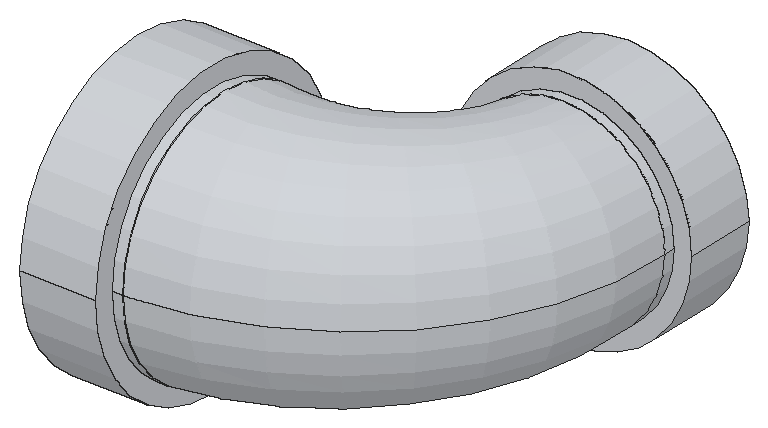
Revit family "M_Redução de cotovelo- Rosqueado - MI - Classe 150", category Conexões de tubo, Revit 2019
Family settings
  Cota do conector redondo = Usar raio
  Tipo de parte = Cotovelo
  Número OmniClass = 23.60.30.11.14
  Título OmniClass = Pipework Fittings
  ID de item do Seek = Elbow Reducing - Threaded - MI - Class 150-0000-CAN-ENU
  Com base no plano de trabalho = Não
  Sempre na vertical = Sim
  Corte com vazios quando carregada = Não
  Compartilhado = Não
Parameters (values of type "Padrão")
  Método de perda = Coeficiente K da tabela
  Nome da tabela de pesquisa = "M_Elbow Reducing - Threaded - MI - Class 150"
  Comprimento 4 [instance] = if(Comprimento 1 = Comprimento máximo 1, if(C2 Comprimento 1 = Comprimento máximo 1, 0.794 mm, if(C2 Comprimento 1 - Comprimento máximo 1 < 0.794 mm, 0.794 mm, C2 Comprimento 1 - Comprimento máximo 1)), 0.794 mm)  # 0.794 mm
  Comprimento 1 [instance] = if(Comprimento máximo 1 > Raio de isolamento máximo 12 * tan(Ângulo / 2), Comprimento máximo 1, Raio de isolamento máximo 12 * tan(Ângulo / 2) + 0.794 mm)  # 13.7 mm
  Comprimento máximo 1 [instance] = if(C1 Comprimento 1 > C2 Comprimento 1, C2 Comprimento 1, C1 Comprimento 1)  # 13.7 mm
  Comprimento 3 [instance] = Comprimento 1 + Comprimento 1 * cos(Ângulo)  # 13.7 mm
  Comprimento 7 [instance] = (Comprimento 4 + Largura da fita 2) * cos(Ângulo) + Comprimento 1 + Comprimento 1 * cos(Ângulo)  # 13.7 mm
  Comprimento 6 [instance] = (Comprimento 4 + Largura da fita 2) * sin(Ângulo)  # 5.894 mm
  Comprimento 5 [instance] = if(Comprimento 1 = Comprimento máximo 1, if(C1 Comprimento 1 = Comprimento máximo 1, 0.794 mm, if(C1 Comprimento 1 - Comprimento máximo 1 < 0.794 mm, 0.794 mm, C1 Comprimento 1 - Comprimento 1)), 0.794 mm)  # 0.794 mm
  Tabela de coeficiente K = "Cotovelo rosqueado comum de 45, 90 e 180"
  C1 Comprimento 1 [instance] = Centro ao final 1 - Largura da fita 1  # 13.8 mm
  C2 Comprimento 1 [instance] = Centro ao final 2 - Largura da fita 2  # 13.7 mm
  Comprimento 2 [instance] = Comprimento 1 * sin(Ângulo)  # 13.7 mm
  Tamanho da marca de cota 2 [instance] = Diâmetro externo da conexão 2 * 0.4  # 5.952 mm
  Tamanho da marca de cota 1 [instance] = Diâmetro externo da conexão 1 * 0.4  # 7.408 mm
  Raio nominal 2 [instance] = 3 mm
  Raio nominal 1 [instance] = 4 mm
  Diâmetro nominal 2 [instance] = Raio nominal 2 * 2  # 6 mm
  Diâmetro nominal 1 [instance] = Raio nominal 1 * 2  # 8 mm
  Espessura do Metal 2 [instance] = size_lookup(Nome da tabela de pesquisa, "MThk", 0.04 * Diâmetro nominal 2 + 2.183 mm, Diâmetro nominal 2)  # 2.29 mm
  Espessura do Metal 1 [instance] = size_lookup(Nome da tabela de pesquisa, "MThk", 0.04 * Diâmetro nominal 1 + 2.183 mm, Diâmetro nominal 1)  # 2.41 mm
  Raio de isolamento máximo 12 [instance] = if(Raio externo da conexão 1 > Raio externo da conexão 2, Raio externo da conexão 1, Raio externo da conexão 2)  # 9.26 mm
  Raio externo da conexão 2 [instance] = Diâmetro externo da conexão 2 / 2  # 7.44 mm
  Raio externo da conexão 1 [instance] = Diâmetro externo da conexão 1 / 2  # 9.26 mm
  Diâmetro externo da conexão 1 [instance] = Diâmetro interno da conexão 1 + Espessura do Metal 1 * 2  # 18.52 mm
  Diâmetro externo da conexão 2 [instance] = Diâmetro interno da conexão 2 + Espessura do Metal 2 * 2  # 14.88 mm
  Diâmetro interno da conexão 2 [instance] = size_lookup(Nome da tabela de pesquisa, "FID", 1.08 * Diâmetro nominal 2 + 5.159 mm, Diâmetro nominal 2)  # 10.3 mm
  Diâmetro interno da conexão 1 [instance] = size_lookup(Nome da tabela de pesquisa, "FID", 1.08 * Diâmetro nominal 1 + 5.159 mm, Diâmetro nominal 1)  # 13.7 mm
  Centro ao final 2 [instance] = size_lookup(Nome da tabela de pesquisa, "CtE2", 0.61 * Diâmetro nominal 1 + 0.2 * Diâmetro nominal 2 + 15.577 mm, Diâmetro nominal 1, Diâmetro nominal 2)  # 18.8 mm
  Centro ao final 1 [instance] = size_lookup(Nome da tabela de pesquisa, "CtE1", 0.3 * Diâmetro nominal 1 + 0.48 * Diâmetro nominal 2 + 16.867 mm, Diâmetro nominal 1, Diâmetro nominal 2)  # 19.3 mm
  Raio do centro [instance] = Comprimento 1 / tan(Ângulo / 2)  # 13.7 mm
  Largura da fita 2 [instance] = size_lookup(Nome da tabela de pesquisa, "BWid", 0.12 * Diâmetro nominal 2 + 4.465 mm, Diâmetro nominal 2)  # 5.1 mm
  Largura da fita 1 [instance] = size_lookup(Nome da tabela de pesquisa, "BWid", 0.12 * Diâmetro nominal 1 + 4.465 mm, Diâmetro nominal 1)  # 5.5 mm
  Raio externo da fita 2 [instance] = Diâmetro externo da fita 2 / 2  # 8.8 mm
  Raio externo da fita 1 [instance] = Diâmetro externo da fita 1 / 2  # 10.7 mm
  Diâmetro externo da fita 1 [instance] = size_lookup(Nome da tabela de pesquisa, "BOD", 1.23 * Diâmetro nominal 1 + 12.402 mm, Diâmetro nominal 1)  # 21.4 mm
  Diâmetro externo da fita 2 [instance] = size_lookup(Nome da tabela de pesquisa, "BOD", 1.23 * Diâmetro nominal 2 + 12.402 mm, Diâmetro nominal 2)  # 17.6 mm
  Raio externo do isolamento por fita 2 [instance] = (Diâmetro externo da fita 2) / 2  # 8.8 mm
  Raio externo do isolamento por fita 1 [instance] = (Diâmetro externo da fita 1) / 2  # 10.7 mm
  Assembly Code = ""
  Ângulo 1 [instance] = 180.00° - Ângulo  # 90.00°
  Ângulo [instance] = 90.00°
Reference planes
  plane 1 "Centro (Frente/Trás)": y = 0
  plane 2: z = 0
  plane 3 "Centro (Esquerda/Direita)": x = 0
  plane 4: x = -13.7
  plane 5: x = 0
  plane 6: y = 13.7
  plane 7: y = 13.7
  plane 8: y = 19.594
  plane 9: x = 0
  plane 10: x = -14.494
  plane 11: x = -19.994
Forms (mm)
  Sweep 1, solid, detail levels fine
    path in 3D
      loop
        line (-13.7, 0, 0) -> (-14.494, 0, 0)
    profile origin (-14.097, 0, 0) x (0, -1, 0) y (0, 0, 1)
      loop
        circle (0, 0) r 9.26
  Sweep 2, solid, detail levels fine
    path in 3D
      loop
        line (0, 13.7, 0) -> (0, 14.494, 0)
    profile origin (0, 14.097, 0) x (-1, 0, 0) y (0, 0, 1)
      loop
        circle (0, 0) r 7.44
  Sweep 3, solid, detail levels fine
    path in 3D
      loop
        line (0, 14.494, 0) -> (0, 19.594, 0)
    profile origin (0, 17.044, 0) x (-1, 0, 0) y (0, 0, 1)
      loop
        circle (0, 0) r 8.8
  Sweep 4, solid, detail levels fine
    path in 3D
      loop
        line (-14.494, 0, 0) -> (-19.994, 0, 0)
    profile origin (-17.244, 0, 0) x (0, -1, 0) y (0, 0, 1)
      loop
        circle (0, 0) r 10.7
  SweptBlend 5, solid, detail levels fine
    path in 3D
      loop
        arc (-13.7, 0, 0) -> (-4.013, 4.013, 0) -> (0, 13.7, 0) r 13.7
    profile origin (-13.7, 0, 0) x (0, 1, 0) y (0, 0, 1)
      loop
        circle (0, 0) r 9.26
    end profile origin (0, 13.7, 0) x (-1, 0, 0) y (0, 0, 1)
      loop
        circle (0, 0) r 7.44
Cuts and joins
  joined: Sweep 1, Sweep 4
  joined: Sweep 2, Sweep 3
Lines and regions (mm)
  model lines, detail levels coarse+medium
    curve 1: line (-13.7, 0, 0) -> (-14.494, 0, 0)
    curve 2: line (-14.494, 0, 0) -> (-19.994, 0, 0)
    curve 5: line (0, 13.7, 0) -> (0, 14.494, 0)
    curve 6: line (0, 14.494, 0) -> (0, 19.594, 0)
    curve 10: line (-19.994, 0, 0) -> (-19.994, 7.408, 0)
    curve 11: line (-19.994, 0, 0) -> (-19.994, -7.408, 0)
    curve 12: arc (-13.7, 0, 0) -> (-4.013, 4.013, 0) -> (0, 13.7, 0) r 13.7
    curve 14: line (0, 19.594, 0) -> (5.952, 19.594, 0)
    curve 15: line (0, 19.594, 0) -> (-5.952, 19.594, 0)
  sketch lines
    curve 3: line (-13.7, 0, 0) -> (-14.494, 0, 0)
    curve 7: line (0, 13.7, 0) -> (0, 14.494, 0)
    curve 8: line (0, 14.494, 0) -> (0, 19.594, 0)
    curve 9: line (-14.494, 0, 0) -> (-19.994, 0, 0)
    curve 13: arc (-13.7, 0, 0) -> (-4.013, 4.013, 0) -> (0, 13.7, 0) r 13.7
  reference lines
    curve 4: line (0, 19.594, 0) -> (0, 14.494, 0)
    curve 16: line (0, 0, 0) -> (0, 7.358, 0)
Dimensions and locks
  "Comprimento 1": plane 4 to plane 3 "Centro (Esquerda/Direita)"
  "Comprimento 3": plane 4 to plane 5
  "Comprimento 2": plane 6 to plane 1 "Centro (Frente/Trás)"
  "Raio do centro": plane 7 to plane 1 "Centro (Frente/Trás)"
  "Comprimento 5": curve 1 to curve 1
  "Comprimento 6": plane 8 to plane 6
  "Comprimento 4": curve 5 to curve 5
  "Largura da fita 2": curve 6 to curve 6
  "Comprimento 5": plane 10 to plane 4
  "Largura da fita 1": plane 11 to plane 10
  "Largura da fita 1": curve 2 to curve 2
  "Tamanho da marca de cota 1": curve 10 to curve 10
  "Tamanho da marca de cota 1": curve 11 to curve 11
  "Comprimento 7": plane 4 to plane 9
  "Tamanho da marca de cota 2": curve 14 to curve 14
  "Tamanho da marca de cota 2": curve 15 to curve 15
  "Raio externo da conexão 1": radius of Sweep 1 sketch curve
  "Raio externo da conexão 2": radius of Sweep 2 sketch curve
  "Raio externo da fita 2": radius of Sweep 3 sketch curve
  "Raio externo da fita 1": radius of Sweep 4 sketch curve
  "Raio externo da conexão 1": radius of SweptBlend 5 sketch curve
  "Raio externo da conexão 2": radius of SweptBlend 5 sketch curve
  "Ângulo": angle plane 8 to curve 4
  "Ângulo": angle plane 6 to curve 5
  "Ângulo 1": angle curve 5 to curve 1
  "Ângulo": angle plane 6 to curve 6
  angle curve 10 to curve 2 = 90.00°
  angle curve 11 to curve 2 = 90.00°
  "Ângulo": angle curve 12 to curve 12
  angle curve 5 to curve 14 = 90.00°
  locked: curve 15 to curve 5 (angle 90.00°)
  "Ângulo": angle plane 1 "Centro (Frente/Trás)" to curve 16
  aligned and locked: curve 1 to plane 1 "Centro (Frente/Trás)"
  aligned and locked: level to Sweep 1 sketch curve
  aligned and locked: plane 1 "Centro (Frente/Trás)" to Sweep 1 sketch curve
  aligned and locked: plane 8 to curve 4
  aligned and locked: plane 9 to curve 4
  aligned and locked: plane 5 to curve 5
  aligned and locked: plane 7 to curve 12
  aligned and locked: plane 8 to curve 15
  aligned and locked: plane 1 "Centro (Frente/Trás)" to curve 16
  aligned and locked: plane 3 "Centro (Esquerda/Direita)" to curve 16
Automatic sketch dimensions
  Sweep 2 sketch curve to profile plane = 0 mm  (x2)
  Sweep 3 sketch curve to profile plane = 0 mm  (x2)
  Sweep 4 sketch curve to profile plane = 0 mm  (x2)
  SweptBlend 5 sketch curve to profile plane = 0 mm  (x4)
  curve 11 to plane 11 = 0 mm
Connectors
  piping at (-19.994, 0, 0), diameter 8, driven by "Ângulo", driven by "Raio nominal 1"
    settings: on cut or joined group of Sweep 1, Sweep 4, index 1, connector inside diameter 8 mm, connector length 0 mm, flow factor 0, pipe flow 0.0 L/s, pressure drop 0.0 Pa, fitting loss kfactor 0, connector angle 90.00°, fixture units 0, engagement length 0 mm, angle of deflection 0.00°, flow configuration 0, flow direction 0, fitting loss method 0, system type 28, joint type 0, gender type 0, connector reference index 2, connector utility 0, adjustable connector no, is connector primary yes, connector description ""
  piping at (0, 19.594, 0), diameter 6, driven by "Ângulo", driven by "Raio nominal 2"
    settings: on cut or joined group of Sweep 2, Sweep 3, index 2, connector inside diameter 6 mm, connector length 0 mm, flow factor 0, pipe flow 0.0 L/s, pressure drop 0.0 Pa, fitting loss kfactor 0, connector angle 90.00°, fixture units 0, engagement length 0 mm, angle of deflection 0.00°, flow configuration 0, flow direction 0, fitting loss method 0, system type 28, joint type 0, gender type 0, connector reference index 1, connector utility 0, adjustable connector no, is connector primary no, connector description ""
